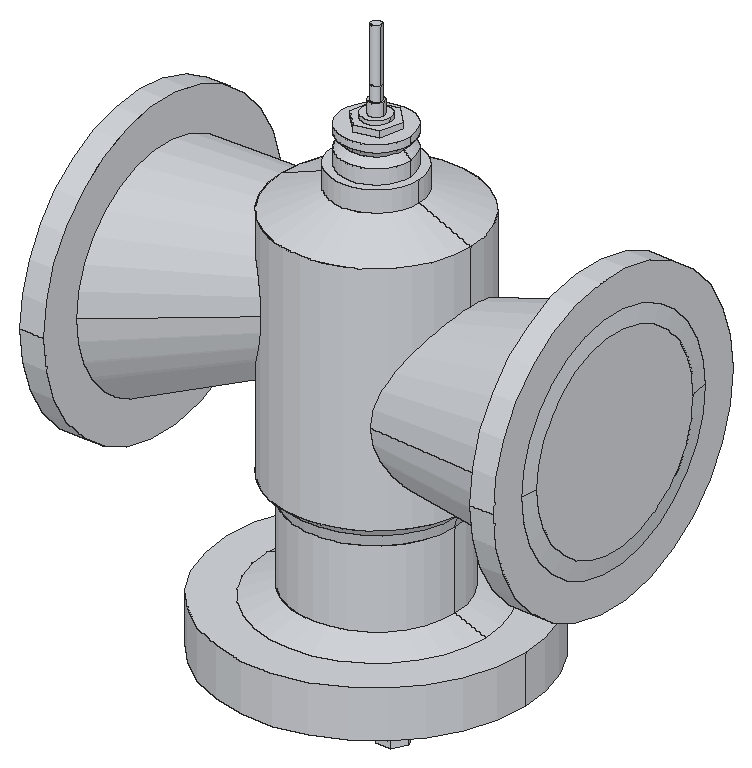
Revit family "2FGB_PN16_DN125_RFA_2018", category Pipe Accessories, Revit 2018
Family settings
  Round Connector Dimension = Use Diameter
  Part Type = Valve - Breaks Into
  Work Plane-Based = No
  Always vertical = Yes
  Cut with Voids When Loaded = No
  Shared = No
Parameters (values of type "2FGB PN16 DN125")
  magiProductId = ""
  magiProductFamilyId = ""
  magiPartTypeId = 306
  isMeasuringValve [instance] = no
  ang2D [instance] = 0.00°
  Z9 = 4.2 mm
  Z8 = 5.7 mm
  Z7 = 3 mm
  Z6 = 6 mm
  Z5 = 6 mm
  Z4 = 12 mm
  Z3 = 196.45 mm
  Z19 = 9.9 mm
  Z15 = 48.65 mm
  Z14__ve = -Z14  # -17.375 mm
  Z14 = 17.375 mm
  Z13 = 9.22 mm
  Z12 = 64.54 mm
  Z10 = 5.1 mm
  X4 = 39.6 mm
  X2__ve = -X2  # -19.8 mm
  X2 = 19.8 mm
  X1 = 2 mm
  W2D = 125 mm
  VersionID = ""
  Use Minimum Symbol Size [instance] = yes
  URL = "www.hydronix.cz"
  Type Comments = "Přírubový; EQM charakteristika; PN16; -10~+150°C"
  R9 = 4 mm
  R7 = 11.547 mm
  R6 = 19.246 mm
  R5 = 22.81 mm
  R4 = 28.512 mm
  R3 = 35.64 mm
  R2 = 68.625 mm
  R13 = 65.88 mm
  R12 = 6.062 mm
  R1 = 54.9 mm
  QmdConnectorList = "301;D;302;D"
  Productdata [instance] = "2FGB125 (DN125; PN16; kvs200)"
  Manufacturer = "Hydronix"
  Maintenance Zone Under Depth [instance] = 207 mm
  Maintenance Zone Right Depth [instance] = 175 mm
  Maintenance Zone Over Depth [instance] = 221 mm
  Maintenance Zone Left Depth [instance] = 175 mm
  Maintenance Zone Front Depth [instance] = 110 mm
  Maintenance Zone Back Depth [instance] = 110 mm
  Maintenance Zone Front Visibility [instance] = no
  LT2 = 200 mm
  L2D_Min = 3048 mm
  L2D = 400 mm
  HCDT2 = 91.5 mm
  H4 = 234 mm
  H3 = 139 mm
  H2 = 45 mm
  FDT2 = 125 mm
  Description = "2 cestný regulační ventil přírubový; DN125; PN16; kvs200; zdvih 45mm"
  D4 = 81.6 mm
  D3 = 96 mm
  D2 = 79.2 mm
  D = 125 mm
  CenSd_R6_6 = R6 * cos(30.00°)  # 16.667 mm
  CenSd_A_6 = A * cos(30.00°)  # 10.825 mm
  Clearance Zone Height Depth [instance] = 221 mm
  CZONC [instance] = 175 mm
  Clearance Zone Visibility [instance] = no
  B1 = 74.246 mm
  A = 12.5 mm
Types (5, lengths in mm): name | Z9 | Z8 | Z6 | Z5 | Z4 | Z3 | Z19 | Z15 | Z14__ve | Z14 | Z13 | Z12 | Z10 | X4 | X2__ve | X2 | W2D | R7 | R6 | R5 | R4 | R3 | R2 | R13 | R12 | R1 | Productdata | LT2 | L2D | HCDT2 | H4 | H3 | H2 | FDT2 | Description | D4 | D3 | D2 | D | CenSd_R6_6 | CenSd_A_6 | B1 | A
  2FGB PN16 DN100 | 4.165 | 5.602 | 5.95 | 5.95 | 11.9 | 168.575 | 9.767 | 40.775 | -14.562 | 14.562 | 8.12 | 56.84 | 5.082 | 34.6 | -17.3 | 17.3 | 100 | 10.089 | 16.816 | 19.93 | 24.912 | 31.14 | 57.375 | 55.08 | 5.297 | 45.9 | "2FGB100 (DN100; PN16; kvs130)" | 175 | 350 | 76.5 | 207 | 116.5 | 45 | 110 | "2 cestný regulační ventil přírubový; DN100; PN16; kvs130; zdvih 45mm" | 68.85 | 81 | 69.2 | 100 | 14.563 | 9.526 | 63.64 | 11
  2FGB PN16 DN080 | 4.2 | 5.7 | 6 | 6 | 12 | 151.95 | 9.9 | 36.75 | -13.125 | 13.125 | 7.32 | 51.24 | 5.1 | 30.6 | -15.3 | 15.3 | 80 | 8.923 | 14.872 | 17.626 | 22.032 | 27.54 | 49.875 | 47.88 | 4.685 | 39.9 | "2FGB80 (DN80; PN16; kvs100)" | 155 | 310 | 66.5 | 187 | 105 | 45 | 100 | "2 cestný regulační ventil přírubový; DN80; PN16; kvs100; zdvih 45mm" | 60.35 | 71 | 61.2 | 80 | 12.879 | 8.66 | 56.569 | 10
  2FGB PN16 DN065 | 4.2 | 5.7 | 6 | 6 | 12 | 139.45 | 9.9 | 33.25 | -11.875 | 11.875 | 6.82 | 47.74 | 5.1 | 28.6 | -14.3 | 14.3 | 65 | 8.34 | 13.9 | 16.474 | 20.592 | 25.74 | 44.25 | 42.48 | 4.378 | 35.4 | "2FGB65 (DN65; PN16; kvs63)" | 145 | 290 | 59 | 175 | 95 | 25 | 92.5 | "2 cestný regulační ventil přírubový; DN65; PN16; kvs63; zdvih 25mm" | 53.975 | 63.5 | 57.2 | 65 | 12.037 | 8.011 | 51.265 | 9.25
  2FGB PN16 DN150 | 4.2 | 5.7 | 6 | 6 | 12 | 227.45 | 9.9 | 54.95 | -19.625 | 19.625 | 10.97 | 76.79 | 5.1 | 47.6 | -23.8 | 23.8 | 150 | 13.88 | 23.134 | 27.418 | 34.272 | 42.84 | 77.625 | 74.52 | 7.287 | 62.1 | "2FGB150 (DN150; PN16; kvs300)" | 240 | 480 | 103.5 | 277 | 157 | 45 | 142.5 | "2 cestný regulační ventil přírubový; DN150; PN16; kvs300; zdvih 45mm" | 92.65 | 109 | 95.2 | 150 | 20.034 | 12.341 | 84.853 | 14.25
  2FGB PN16 DN125 | 4.2 | 5.7 | 6 | 6 | 12 | 196.45 | 9.9 | 48.65 | -17.375 | 17.375 | 9.22 | 64.54 | 5.1 | 39.6 | -19.8 | 19.8 | 125 | 11.547 | 19.246 | 22.81 | 28.512 | 35.64 | 68.625 | 65.88 | 6.062 | 54.9 | "2FGB125 (DN125; PN16; kvs200)" | 200 | 400 | 91.5 | 234 | 139 | 45 | 125 | "2 cestný regulační ventil přírubový; DN125; PN16; kvs200; zdvih 45mm" | 81.6 | 96 | 79.2 | 125 | 16.667 | 10.825 | 74.246 | 12.5
Reference planes
  plane 1 "Center (Front/Back)": y = 0
  plane 2 "XYPLANE": z = 0
  plane 3 "Center (Left/Right)": x = 0
  plane 4 "234": y = -74.246
  plane 5 "233": x = 74.246
  plane 6 "232": x = -74.246
  plane 7 "231": y = 74.246
  plane 8 "225": z = -224
  plane 9 "223": z = 221
  plane 10 "221": x = -175
  plane 11 "220": x = 175
  plane 12 "219": y = -110
  plane 13 "218": y = 110
  plane 14 "196": z = -207
  plane 15 "182": z = 199
  plane 16 "161": z = 187
  plane 17 "158": z = 181.3
  plane 18 "150": z = 177.1
  plane 19 "148": z = 174.1
  plane 20 "142": z = 169
  plane 21 "136": z = 163
  plane 22 "135": z = 157
  plane 23 "131": z = 151
  plane 24 "78": z = 104.25
  plane 25 "77": z = 121.625
  plane 26 "74": z = 139
  plane 27 "70": z = -92.2
  plane 28 "65": z = -101.42
  plane 29 "64": z = -110.64
  plane 30 "58": z = -175.18
  plane 31 "57": z = -184.4
  plane 32 "46": z = -234
  plane 33 "28": x = 178.2
  plane 34 "27": x = 198
  plane 35 "21": z = -20
  plane 36 "16": z = 48.65
  plane 37 "13": x = -178.2
  plane 38 "7": x = -198
  plane 39 "6": x = 200
  plane 40 "5": x = -200
  plane 41 "3": y = 0
  plane 42 "2": z = 0
  plane 43 "1": x = 0
Forms (mm)
  Extrusion 1, solid
    sketch origin (-750, 0, -234) x (1, 0, 0) y (0, 1, 0)
      loop
        line (836.746, -74.246) -> (830.496, -63.421) -> (817.996, -63.421) -> (811.746, -74.246) -> (817.996, -85.072) -> (830.496, -85.072) -> (836.746, -74.246)
    from 0 to 10
  Extrusion 2, solid
    sketch origin (-750, 0, -234) x (1, 0, 0) y (0, 1, 0)
      loop
        line (688.254, -74.246) -> (682.004, -63.421) -> (669.504, -63.421) -> (663.254, -74.246) -> (669.504, -85.072) -> (682.004, -85.072) -> (688.254, -74.246)
    from 0 to 10
  Extrusion 3, solid
    sketch origin (-750, 0, -234) x (1, 0, 0) y (0, 1, 0)
      loop
        line (836.746, 74.246) -> (830.496, 85.072) -> (817.996, 85.072) -> (811.746, 74.246) -> (817.996, 63.421) -> (830.496, 63.421) -> (836.746, 74.246)
    from 0 to 10
  Extrusion 4, solid
    sketch origin (-750, 0, -234) x (1, 0, 0) y (0, 1, 0)
      loop
        line (688.254, 74.246) -> (682.004, 85.072) -> (669.504, 85.072) -> (663.254, 74.246) -> (669.504, 63.421) -> (682.004, 63.421) -> (688.254, 74.246)
    from 0 to 10
  Blend 5, solid, visible <- "Maintenance Zone Front Visibility"
    base sketch origin (-750, 0, 221) x (1, 0, 0) y (0, 1, 0)
      loop
        line (575, 110) -> (575, -110) -> (925, -110) -> (925, 110) -> (575, 110)
    top sketch origin (-750, 0, 221) x (1, 0, 0) y (0, 1, 0)
      loop
        line (575, 110) -> (575, -110) -> (925, -110) -> (925, 110) -> (575, 110)
    from 0 to -428
  Extrusion 6, solid, visible <- "Clearance Zone Visibility"
    sketch origin (-750, 0, 0) x (1, 0, 0) y (0, 1, 0)
      loop
        circle (750, 0) r 175
    from 0 to 221 <- "Clearance Zone Height Depth"
  Extrusion 7, solid
    sketch origin (-750, 0, 177.1) x (1, 0, 0) y (0, 1, 0)
      loop
        circle (750, 0) r 6.062
    from 0 to 9.9 <- "Z19"
  Extrusion 8, solid
    sketch origin (-750, 0, 199) x (1, 0, 0) y (0, 1, 0)
      loop
        circle (750, 0) r 4
    from 0 to 45 <- "H2"
  Extrusion 9, solid
    sketch origin (-750, 0, 187) x (1, 0, 0) y (0, 1, 0)
      loop
        circle (750, 0) r 4
    from 0 to 12 <- "Z4"
  Extrusion 10, solid
    sketch origin (-750, 0, 174.1) x (1, 0, 0) y (0, 1, 0)
      loop
        circle (750, 0) r 11.547
    from 0 to 3 <- "Z7"
  Extrusion 11, solid
    sketch origin (-750, 0, 169) x (1, 0, 0) y (0, 1, 0)
      loop
        line (763.609, -13.609) -> (768.59, 4.981) -> (754.981, 18.59) -> (736.391, 13.609) -> (731.41, -4.981) -> (745.019, -18.59) -> (763.609, -13.609)
    from 0 to 5.1 <- "Z10"
  Extrusion 12, solid
    sketch origin (-750, 0, 163) x (1, 0, 0) y (0, 1, 0)
      loop
        circle (750, 0) r 28.512
    from 0 to 6 <- "Z6"
  Blend 13, solid
    base sketch origin (-750, 0, 157) x (1, 0, 0) y (0, 1, 0)
      loop
        circle (750, 0) r 22.81
    top sketch origin (-750, 0, 157) x (1, 0, 0) y (0, 1, 0)
      loop
        circle (750, 0) r 28.512
    from 0 to 6
  Blend 14, solid
    base sketch origin (-750, 0, 151) x (1, 0, 0) y (0, 1, 0)
      loop
        circle (750, 0) r 28.512
    top sketch origin (-750, 0, 151) x (1, 0, 0) y (0, 1, 0)
      loop
        circle (750, 0) r 22.81
    from 0 to 6
  Extrusion 15, solid
    sketch origin (-750, 0, 139) x (1, 0, 0) y (0, 1, 0)
      loop
        circle (750, 0) r 28.512
    from 0 to 12 <- "Z4"
  Extrusion 16, solid
    sketch origin (-750, 0, 139) x (1, 0, 0) y (0, 1, 0)
      loop
        circle (750, 0) r 35.64
    from 0 to -17.375 <- "Z14__ve"
  Blend 17, solid
    base sketch origin (-750, 0, 104.25) x (1, 0, 0) y (0, 1, 0)
      loop
        circle (750, 0) r 79.2
    top sketch origin (-750, 0, 104.25) x (1, 0, 0) y (0, 1, 0)
      loop
        circle (750, 0) r 35.64
    from 0 to 17.375
  Blend 18, solid
    base sketch origin (-750, 0, -101.42) x (1, 0, 0) y (0, 1, 0)
      loop
        circle (750, 0) r 68.625
    top sketch origin (-750, 0, -101.42) x (1, 0, 0) y (0, 1, 0)
      loop
        circle (750, 0) r 79.2
    from 0 to 9.22
  Blend 19, solid
    base sketch origin (-750, 0, -110.64) x (1, 0, 0) y (0, 1, 0)
      loop
        circle (750, 0) r 65.88
    top sketch origin (-750, 0, -110.64) x (1, 0, 0) y (0, 1, 0)
      loop
        circle (750, 0) r 68.625
    from 0 to 9.22
  Extrusion 20, solid
    sketch origin (-750, 0, -175.18) x (1, 0, 0) y (0, 1, 0)
      loop
        circle (750, 0) r 65.88
    from 0 to 64.54 <- "Z12"
  Blend 21, solid
    base sketch origin (-750, 0, -184.4) x (1, 0, 0) y (0, 1, 0)
      loop
        circle (750, 0) r 91.5
    top sketch origin (-750, 0, -184.4) x (1, 0, 0) y (0, 1, 0)
      loop
        circle (750, 0) r 65.88
    from 0 to 9.22
  Extrusion 22, solid
    sketch origin (-750, 0, -224) x (1, 0, 0) y (0, 1, 0)
      loop
        circle (750, 0) r 125
    from 0 to 39.6 <- "X4"
  Blend 23, solid
    base sketch origin (198, -750, 0) x (0, 1, 0) y (0, 0, 1)
      loop
        circle (750, 0) r 96
    top sketch origin (198, -750, 0) x (0, 1, 0) y (0, 0, 1)
      loop
        circle (750, 0) r 81.6
    from 0 to 2
  Blend 24, solid
    base sketch origin (-200, -750, 0) x (0, 1, 0) y (0, 0, 1)
      loop
        circle (750, 0) r 81.6
    top sketch origin (-200, -750, 0) x (0, 1, 0) y (0, 0, 1)
      loop
        circle (750, 0) r 96
    from 0 to 2
  Extrusion 25, solid
    sketch origin (198, -750, 0) x (0, 1, 0) y (0, 0, 1)
      loop
        circle (750, 0) r 125
    from 0 to -19.8 <- "X2__ve"
  Blend 26, solid
    base sketch origin (0, -750, 0) x (0, 1, 0) y (0, 0, 1)
      loop
        circle (750, -20) r 54.9
    top sketch origin (0, -750, 0) x (0, 1, 0) y (0, 0, 1)
      loop
        circle (750, 0) r 91.5
    from 0 to 178.2
  Extrusion 27, solid
    sketch origin (-750, 0, -92.2) x (1, 0, 0) y (0, 1, 0)
      loop
        circle (750, 0) r 79.2
    from 0 to 196.45 <- "Z3"
  Blend 28, solid
    base sketch origin (-178.2, -750, 0) x (0, 1, 0) y (0, 0, 1)
      loop
        circle (750, 0) r 91.5
    top sketch origin (-178.2, -750, 0) x (0, 1, 0) y (0, 0, 1)
      loop
        circle (750, 48.65) r 54.9
    from 0 to 178.2
  Extrusion 29, solid
    sketch origin (-198, -750, 0) x (0, 1, 0) y (0, 0, 1)
      loop
        circle (750, 0) r 125
    from 0 to 19.8 <- "X2"
  Extrusion 30, solid, not visible
    sketch origin (200, -750, 0) x (0, 1, 0) y (0, 0, 1)
      loop
        circle (750, 0) r 10
    from 0 to -10
  Extrusion 31, solid, not visible
    sketch origin (-200, -750, 0) x (0, 1, 0) y (0, 0, 1)
      loop
        circle (750, 0) r 10
    from 0 to 10
Lines and regions (mm)
  reference lines, not visible
    curve 1: circle (2, 2, 0) r 1 normal (0, 0, 1)
  reference lines
    curve 2: line (74.246, -74.246, -234) -> (71.496, -69.483, -234)
    curve 3: line (74.246, -74.246, -234) -> (68.746, -74.246, -234)
    curve 4: line (74.246, -74.246, -234) -> (71.496, -79.009, -234)
    curve 5: line (-74.246, -74.246, -234) -> (-76.996, -69.483, -234)
    curve 6: line (-74.246, -74.246, -234) -> (-79.746, -74.246, -234)
    curve 7: line (-74.246, -74.246, -234) -> (-76.996, -79.009, -234)
    curve 8: line (74.246, 74.246, -234) -> (71.496, 79.009, -234)
    curve 9: line (74.246, 74.246, -234) -> (68.746, 74.246, -234)
    curve 10: line (74.246, 74.246, -234) -> (71.496, 69.483, -234)
    curve 11: line (-74.246, 74.246, -234) -> (-76.996, 79.009, -234)
    curve 12: line (-74.246, 74.246, -234) -> (-79.746, 74.246, -234)
    curve 13: line (-74.246, 74.246, -234) -> (-76.996, 69.483, -234)
    curve 14: line (0, 0, 169) -> (2.176, 8.121, 169)
    curve 15: line (0, 0, 169) -> (-5.945, 5.945, 169)
    curve 16: line (0, 0, 169) -> (-8.121, -2.176, 169)
Dimensions and locks
  plane 1 "Center (Front/Back)" to curve 1 = 2 mm
  "B1": plane 1 "Center (Front/Back)" to plane 4 "234"
  "B1": plane 3 "Center (Left/Right)" to plane 5 "233"
  "B1": plane 3 "Center (Left/Right)" to plane 6 "232"
  "B1": plane 1 "Center (Front/Back)" to plane 7 "231"
  locked: plane 32 "46" to plane 8 "225" at 10
  "Maintenance Zone Over Depth": plane 2 "XYPLANE" to plane 9 "223"
  "Maintenance Zone Left Depth": plane 3 "Center (Left/Right)" to plane 10 "221"
  "Maintenance Zone Right Depth": plane 3 "Center (Left/Right)" to plane 11 "220"
  "Maintenance Zone Front Depth": plane 1 "Center (Front/Back)" to plane 12 "219"
  "Maintenance Zone Back Depth": plane 1 "Center (Front/Back)" to plane 13 "218"
  "Maintenance Zone Under Depth": plane 2 "XYPLANE" to plane 14 "196"
  "Z4": plane 16 "161" to plane 15 "182"
  "Z8": plane 17 "158" to plane 16 "161"
  "Z9": plane 18 "150" to plane 17 "158"
  "Z7": plane 19 "148" to plane 18 "150"
  "Z10": plane 20 "142" to plane 19 "148"
  "Z6": plane 21 "136" to plane 20 "142"
  "Z5": plane 22 "135" to plane 21 "136"
  "Z5": plane 23 "131" to plane 22 "135"
  "Z4": plane 26 "74" to plane 23 "131"
  "Z14": plane 25 "77" to plane 24 "78"
  "Z14": plane 26 "74" to plane 25 "77"
  "H3": plane 2 "XYPLANE" to plane 26 "74"
  "Z13": plane 28 "65" to plane 27 "70"
  "Z13": plane 29 "64" to plane 28 "65"
  "Z12": plane 30 "58" to plane 29 "64"
  "Z13": plane 31 "57" to plane 30 "58"
  "X4": plane 8 "225" to plane 31 "57"
  "H4": plane 2 "XYPLANE" to plane 32 "46"
  "X2": plane 34 "27" to plane 33 "28"
  "X1": plane 39 "6" to plane 34 "27"
  locked: plane 42 "2" to plane 35 "21" at 20
  "Z15": plane 42 "2" to plane 36 "16"
  "X2": plane 38 "7" to plane 37 "13"
  "X1": plane 40 "5" to plane 38 "7"
  "LT2": plane 3 "Center (Left/Right)" to plane 39 "6"
  "LT2": plane 3 "Center (Left/Right)" to plane 40 "5"
  locked: plane 1 "Center (Front/Back)" to plane 41 "3"
  locked: plane 2 "XYPLANE" to plane 42 "2"
  locked: plane 3 "Center (Left/Right)" to plane 43 "1"
  "CenSd_A_6": curve 2 to Extrusion 1 sketch curve  (x2)
  "CenSd_A_6": curve 3 to Extrusion 1 sketch curve  (x2)
  "CenSd_A_6": curve 4 to Extrusion 1 sketch curve  (x2)
  "CenSd_A_6": curve 5 to Extrusion 2 sketch curve  (x2)
  "CenSd_A_6": curve 6 to Extrusion 2 sketch curve  (x2)
  "CenSd_A_6": curve 7 to Extrusion 2 sketch curve  (x2)
  "CenSd_A_6": curve 8 to Extrusion 3 sketch curve  (x2)
  "CenSd_A_6": curve 9 to Extrusion 3 sketch curve  (x2)
  "CenSd_A_6": curve 10 to Extrusion 3 sketch curve  (x2)
  "CenSd_A_6": curve 11 to Extrusion 4 sketch curve  (x2)
  "CenSd_A_6": curve 12 to Extrusion 4 sketch curve  (x2)
  "CenSd_A_6": curve 13 to Extrusion 4 sketch curve  (x2)
  "CenSd_R6_6": curve 14 to Extrusion 11 sketch curve  (x2)
  "CenSd_R6_6": curve 15 to Extrusion 11 sketch curve  (x2)
  "CenSd_R6_6": curve 16 to Extrusion 11 sketch curve  (x2)
  "CZONC": radius of Extrusion 6 sketch curve
  "R12": radius of Extrusion 7 sketch curve
  "R9": radius of Extrusion 8 sketch curve
  "R9": radius of Extrusion 9 sketch curve
  "R7": radius of Extrusion 10 sketch curve
  "R4": radius of Extrusion 12 sketch curve
  "R4": radius of Blend 13 sketch curve
  "R5": radius of Blend 13 sketch curve
  "R5": radius of Blend 14 sketch curve
  "R4": radius of Blend 14 sketch curve
  "R4": radius of Extrusion 15 sketch curve
  "R3": radius of Extrusion 16 sketch curve
  "R3": radius of Blend 17 sketch curve
  "D2": radius of Blend 17 sketch curve
  "D2": radius of Blend 18 sketch curve
  "R2": radius of Blend 18 sketch curve
  "R2": radius of Blend 19 sketch curve
  "R13": radius of Blend 19 sketch curve
  "R13": radius of Extrusion 20 sketch curve
  "R13": radius of Blend 21 sketch curve
  "HCDT2": radius of Blend 21 sketch curve
  "FDT2": radius of Extrusion 22 sketch curve
  "D4": radius of Blend 23 sketch curve
  "D3": radius of Blend 23 sketch curve
  "D3": radius of Blend 24 sketch curve
  "D4": radius of Blend 24 sketch curve
  "FDT2": radius of Extrusion 25 sketch curve
  "HCDT2": radius of Blend 26 sketch curve
  "R1": radius of Blend 26 sketch curve
  "D2": radius of Extrusion 27 sketch curve
  "R1": radius of Blend 28 sketch curve
  "HCDT2": radius of Blend 28 sketch curve
  "FDT2": radius of Extrusion 29 sketch curve
  locked: curve 3 to curve 2 (angle 60.00°)
  locked: curve 4 to curve 3 (angle 60.00°)
  locked: curve 4 to curve 2 (angle 120.00°)
  locked: curve 6 to curve 5 (angle 60.00°)
  locked: curve 7 to curve 6 (angle 60.00°)
  locked: curve 7 to curve 5 (angle 120.00°)
  locked: curve 9 to curve 8 (angle 60.00°)
  locked: curve 10 to curve 9 (angle 60.00°)
  locked: curve 10 to curve 8 (angle 120.00°)
  locked: curve 12 to curve 11 (angle 60.00°)
  locked: curve 13 to curve 12 (angle 60.00°)
  locked: curve 13 to curve 11 (angle 120.00°)
  locked: curve 15 to curve 14 (angle 60.00°)
  locked: curve 16 to curve 15 (angle 60.00°)
  locked: curve 16 to curve 14 (angle 120.00°)
  aligned and locked: level to plane 2 "XYPLANE"
  aligned and locked: plane 4 "234" to curve 2
  aligned and locked: plane 5 "233" to curve 2
  aligned and locked: plane 4 "234" to curve 5
  aligned and locked: plane 6 "232" to curve 5
  aligned and locked: plane 5 "233" to curve 8
  aligned and locked: plane 7 "231" to curve 8
  aligned and locked: plane 6 "232" to curve 11
  aligned and locked: plane 7 "231" to curve 11
  aligned and locked: plane 13 "218" to Blend 5 sketch curve  (x4)
  aligned and locked: plane 12 "219" to Blend 5 sketch curve  (x4)
  aligned and locked: plane 10 "221" to Blend 5 sketch curve  (x4)
  aligned and locked: plane 11 "220" to Blend 5 sketch curve  (x4)
  aligned and locked: Blend 5 to plane 14 "196"
  aligned and locked: plane 41 "3" to Extrusion 6 sketch curve
  aligned and locked: plane 43 "1" to Extrusion 6 sketch curve
  aligned and locked: plane 41 "3" to Extrusion 7 sketch curve
  aligned and locked: plane 43 "1" to Extrusion 7 sketch curve
  aligned and locked: plane 41 "3" to Extrusion 8 sketch curve
  aligned and locked: plane 43 "1" to Extrusion 8 sketch curve
  aligned and locked: plane 41 "3" to Extrusion 9 sketch curve
  aligned and locked: plane 43 "1" to Extrusion 9 sketch curve
  aligned and locked: plane 41 "3" to Extrusion 10 sketch curve
  aligned and locked: plane 43 "1" to Extrusion 10 sketch curve
  aligned and locked: plane 41 "3" to curve 14
  aligned and locked: plane 43 "1" to curve 14
  aligned and locked: plane 41 "3" to Extrusion 12 sketch curve
  aligned and locked: plane 43 "1" to Extrusion 12 sketch curve
  aligned and locked: plane 41 "3" to Blend 13 sketch curve  (x2)
  aligned and locked: plane 43 "1" to Blend 13 sketch curve  (x2)
  aligned and locked: plane 21 "136" to Blend 13
  aligned and locked: plane 41 "3" to Blend 14 sketch curve  (x2)
  aligned and locked: plane 43 "1" to Blend 14 sketch curve  (x2)
  aligned and locked: plane 22 "135" to Blend 14
  aligned and locked: plane 41 "3" to Extrusion 15 sketch curve
  aligned and locked: plane 43 "1" to Extrusion 15 sketch curve
  aligned and locked: plane 41 "3" to Extrusion 16 sketch curve
  aligned and locked: plane 43 "1" to Extrusion 16 sketch curve
  aligned and locked: plane 41 "3" to Blend 17 sketch curve  (x2)
  aligned and locked: plane 43 "1" to Blend 17 sketch curve  (x2)
  aligned and locked: plane 25 "77" to Blend 17
  aligned and locked: plane 41 "3" to Blend 18 sketch curve  (x2)
  aligned and locked: plane 43 "1" to Blend 18 sketch curve  (x2)
  aligned and locked: plane 27 "70" to Blend 18
  aligned and locked: plane 41 "3" to Blend 19 sketch curve  (x2)
  aligned and locked: plane 43 "1" to Blend 19 sketch curve  (x2)
  aligned and locked: plane 28 "65" to Blend 19
  aligned and locked: plane 41 "3" to Extrusion 20 sketch curve
  aligned and locked: plane 43 "1" to Extrusion 20 sketch curve
  aligned and locked: plane 41 "3" to Blend 21 sketch curve  (x2)
  aligned and locked: plane 43 "1" to Blend 21 sketch curve  (x2)
  aligned and locked: plane 30 "58" to Blend 21
  aligned and locked: plane 41 "3" to Extrusion 22 sketch curve
  aligned and locked: plane 43 "1" to Extrusion 22 sketch curve
  aligned and locked: Blend 23 sketch curve to plane 41 "3"  (x2)
  aligned and locked: plane 42 "2" to Blend 23 sketch curve  (x2)
  aligned and locked: plane 39 "6" to Blend 23
  aligned and locked: Blend 24 sketch curve to plane 41 "3"  (x2)
  aligned and locked: plane 42 "2" to Blend 24 sketch curve  (x2)
  aligned and locked: plane 38 "7" to Blend 24
  aligned and locked: Extrusion 25 sketch curve to plane 41 "3"
  aligned and locked: plane 42 "2" to Extrusion 25 sketch curve
  aligned and locked: Blend 26 sketch curve to plane 41 "3"  (x2)
  aligned and locked: plane 42 "2" to Blend 26 sketch curve
  aligned and locked: plane 35 "21" to Blend 26 sketch curve
  aligned and locked: plane 33 "28" to Blend 26
  aligned and locked: plane 41 "3" to Extrusion 27 sketch curve
  aligned and locked: plane 43 "1" to Extrusion 27 sketch curve
  aligned and locked: plane 36 "16" to Blend 28 sketch curve
  aligned and locked: plane 41 "3" to Blend 28 sketch curve
  aligned and locked: Blend 28 sketch curve to plane 41 "3"
  aligned and locked: plane 42 "2" to Blend 28 sketch curve
  aligned and locked: plane 43 "1" to Blend 28
  aligned and locked: Extrusion 29 sketch curve to plane 41 "3"
  aligned and locked: plane 42 "2" to Extrusion 29 sketch curve
  aligned and locked: Extrusion 30 sketch curve to plane 41 "3"
  aligned and locked: plane 42 "2" to Extrusion 30 sketch curve
  aligned and locked: Extrusion 31 sketch curve to plane 41 "3"
  aligned and locked: plane 42 "2" to Extrusion 31 sketch curve
Automatic sketch dimensions
  plane 1 "Center (Front/Back)" to curve 16 = 2.176 mm
  plane 1 "Center (Front/Back)" to Extrusion 30 sketch curve = 10 mm
  plane 1 "Center (Front/Back)" to Extrusion 31 sketch curve = 10 mm
  plane 3 "Center (Left/Right)" to curve 1 = 2 mm
  radius of curve 1 = 1 mm
Connectors
  piping at (-200, 0, 0), diameter 125, driven by "D"
    settings: on Extrusion 31, index 1, connector inside diameter 609.6 mm, connector length 0 mm, flow factor 0, pipe flow 0.0 L/s, pressure drop 0.0 Pa, fitting loss kfactor 0, connector angle 0.00°, fixture units 0, engagement length 0 mm, angle of deflection 0.00°, flow configuration 0, flow direction 0, fitting loss method 0, system type 29, joint type 0, gender type 0, connector reference index 2, connector utility 0, adjustable connector no, is connector primary yes, connector description ""
  piping at (200, 0, 0), diameter 125, driven by "D"
    settings: on Extrusion 30, index 2, connector inside diameter 609.6 mm, connector length 0 mm, flow factor 0, pipe flow 0.0 L/s, pressure drop 0.0 Pa, fitting loss kfactor 0, connector angle 0.00°, fixture units 0, engagement length 0 mm, angle of deflection 0.00°, flow configuration 0, flow direction 0, fitting loss method 0, system type 29, joint type 0, gender type 0, connector reference index 1, connector utility 0, adjustable connector no, is connector primary no, connector description ""
